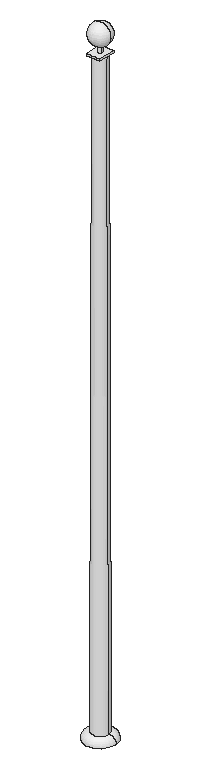
Revit family
Parameters (values of type "9 Meters")
  Base = 250 mm
  Height = 9000 mm
  Top = 200 mm
Types (4, lengths in mm): name | Base | Height | Top
  (no name) | 250 | 9000 | 200
  06 meters | 254 | 6096 | 203.2
  9 Meters | 250 | 9000 | 200
  12 meters | 254 | 12192 | 203.2
Reference planes
  plane 1 "Center (Front/Back)": y = 0
  plane 2: z = -50.8
  plane 3 "Center (Left/Right)": x = 0
  plane 4: x = -100
  plane 5: x = 100
  plane 6: y = -125
  plane 7: y = 125
  plane 8: z = 8949.2
  plane 9: z = 8974.6
  plane 10: z = 9214.122
Forms (mm)
  Blend 1, solid, material "Metal - Aluminum"
    base sketch origin (0, 0, 0) x (1, 0, 0) y (0, 1, 0)
      loop
        circle (0, 0) r 125.4
    top sketch origin (0, 0, 0) x (1, 0, 0) y (0, 1, 0)
      loop
        circle (0, 0) r 100
    from 101.6 to 8949.2
  Revolve 2, solid, material "Metal - Aluminum"
    sketch origin (0, 0, 0) x (1, 0, 0) y (0, 0, 1)
      loop
        line (0, 101.6) -> (-125.4, 101.6)
        arc (-125.4, 101.6) -> (-197.242, 71.842) -> (-227, 0) r 101.6
        line (-227, 0) -> (0, 0) -> (0, 101.6)
      axis (0, 0) -> (0, 101.6)
    angle from 0 to 360
  Revolve 3, solid, material "Metal - Aluminum"
    sketch origin (-5.201, 0, 33.479) x (1, 0, 0) y (0, 0, 1)
      loop
        line (5.201, 9333.043) -> (5.201, 9307.643)
        arc (5.201, 9307.643) -> (132.201, 9180.643) -> (5.201, 9053.643) r 127
        line (5.201, 9053.643) -> (5.201, 9028.243)
        arc (5.201, 9028.243) -> (157.601, 9180.643) -> (5.201, 9333.043) r 152.4
      axis (5.201, 9333.043) -> (5.201, 9028.243)
    angle from 0 to 360
  Extrusion 4, solid, material "Metal - Aluminum"
    sketch origin (0, 0, 0) x (1, 0, 0) y (0, 1, 0)
      loop
        line (-100, 125) -> (-100, -125) -> (100, -125) -> (100, 125) -> (-100, 125)
    from 8974.6 to 8949.2
  Extrusion 5, solid, material "Metal - Aluminum"
    sketch origin (0, 0, 0) x (1, 0, 0) y (0, 1, 0)
      loop
        circle (0, 0) r 25.4
    from 9214.122 to 8974.6
Lines and regions (mm)
  model lines, style "Misc"
    curve 1: arc (227, 0, 0) -> (0, 227, 0) -> (-227, 0, 0) r 227
    curve 2: arc (-227, 0, 0) -> (0, -227, 0) -> (227, 0, 0) r 227
    curve 3: arc (125.4, 0, 0) -> (0, 125.4, 0) -> (-125.4, 0, 0) r 125.4
    curve 4: arc (-125.4, 0, 0) -> (0, -125.4, 0) -> (125.4, 0, 0) r 125.4
Dimensions and locks
  equal spacing: plane 6, plane 1 "Center (Front/Back)", plane 7
  "Base": plane 6 to plane 7
  equal spacing: plane 4, plane 3 "Center (Left/Right)", plane 5
  "Top": plane 4 to plane 5
  "Height": plane 8 to plane 2
  locked: plane 9 to plane 8 at 25.4
  locked: plane 10 to Revolve 3 sketch curve at 0  (x2)
  locked: plane 10 to plane 8 at 264.922
  aligned and locked: Blend 1 to Revolve 2
  aligned and locked: plane 4 to Extrusion 4 sketch curve
  aligned and locked: plane 7 to Extrusion 4 sketch curve
  aligned and locked: plane 6 to Extrusion 4 sketch curve
  aligned and locked: plane 5 to Extrusion 4 sketch curve
  aligned and locked: Extrusion 5 to plane 10
  aligned and locked: Blend 1 to plane 8
  aligned and locked: Extrusion 4 to Blend 1
  aligned and locked: Extrusion 4 to plane 9
  aligned and locked: Extrusion 5 to Extrusion 4
Automatic sketch dimensions
  Blend 1 sketch curve to plane 1 "Center (Front/Back)" = 0 mm  (x2)
  Blend 1 sketch curve to plane 3 "Center (Left/Right)" = 0 mm  (x2)
  plane 4 to Blend 1 sketch curve = 25.4 mm
  Blend 1 sketch curve to plane 4 = 0 mm
  Revolve 2 sketch curve to level = 0 mm
  Revolve 2 sketch curve to plane 3 "Center (Left/Right)" = 0 mm  (x2)
  plane 4 to Revolve 2 sketch curve = 25.4 mm
  Revolve 2 sketch curve to Revolve 2 sketch curve = 101.6 mm  (x2)
  Revolve 2 sketch curve to Revolve 2 sketch curve = 76.2 mm
  Extrusion 5 sketch curve to plane 1 "Center (Front/Back)" = 0 mm
  Extrusion 5 sketch curve to plane 3 "Center (Left/Right)" = 0 mm
  Extrusion 5 sketch curve to Extrusion 5 sketch curve = 25.4 mm
  Revolve 3 sketch curve to plane 3 "Center (Left/Right)" = 0 mm  (x2)
  plane 10 to Revolve 3 sketch curve = 30.72 mm
  Revolve 3 sketch curve to Revolve 3 sketch curve = 96.28 mm
  Revolve 3 sketch curve to Revolve 3 sketch curve = 25.4 mm
  Revolve 3 sketch curve to Revolve 3 sketch curve = 56.12 mm
  curve 1 to plane 1 "Center (Front/Back)" = 0 mm
  curve 4 to plane 1 "Center (Front/Back)" = 0 mm
  curve 2 to plane 3 "Center (Left/Right)" = 0 mm
  curve 3 to plane 3 "Center (Left/Right)" = 0 mm
  plane 4 to curve 3 = 25.4 mm
  curve 2 to curve 3 = 101.6 mm
